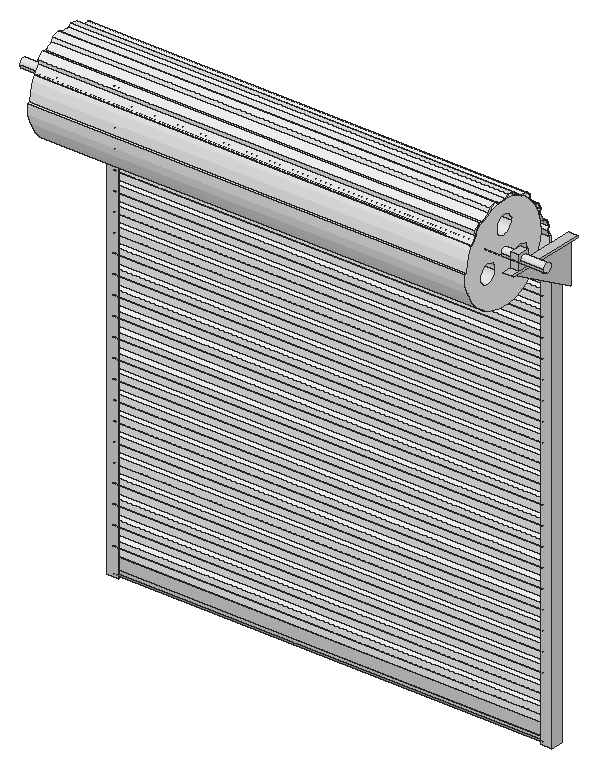
Revit family "Doors_Industrial_Wayne-Dalton_Commercial-Roll-Up-Door-Model-DS-200_", category Specialty Equipment, host Wall, Revit 2019 (continued)
Automatic sketch dimensions
  Extrusion 3 sketch curve to Extrusion 3 sketch curve = 0.64889"
  Extrusion 3 sketch curve to Extrusion 3 sketch curve = 0.01945"
  Extrusion 3 sketch curve to Extrusion 3 sketch curve = 0.03093"
  Extrusion 3 sketch curve to Extrusion 3 sketch curve = 0.04213"
  Extrusion 3 sketch curve to Extrusion 3 sketch curve = 0.35772"
  Extrusion 3 sketch curve to Extrusion 3 sketch curve = 0.0445"
  Extrusion 3 sketch curve to Extrusion 3 sketch curve = 0.58436"
  Extrusion 3 sketch curve to Extrusion 3 sketch curve = 0.03713"
  curve 2 to Extrusion 3 sketch curve = 9.38866"
  Extrusion 3 sketch curve to Extrusion 3 sketch curve = 0.04224"
  Extrusion 3 sketch curve to Extrusion 3 sketch curve = 0.29237"
  Extrusion 3 sketch curve to curve 2 = 3.43116"
  Extrusion 3 sketch curve to Extrusion 3 sketch curve = 0.02097"
  Extrusion 3 sketch curve to curve 2 = 3.38071"
  Extrusion 4 sketch curve to Extrusion 4 sketch curve = 0"  (x60)
  Extrusion 4 sketch curve to curve 2 = 8.08364"
  Extrusion 4 sketch curve to Extrusion 4 sketch curve = 0.00003"  (x4)
  Extrusion 4 sketch curve to Extrusion 4 sketch curve = 0.63889"
  Extrusion 4 sketch curve to Extrusion 4 sketch curve = 0.00005"  (x2)
  Extrusion 4 sketch curve to Extrusion 4 sketch curve = 0.18053"
  Extrusion 4 sketch curve to Extrusion 4 sketch curve = 0.00017"  (x4)
  Extrusion 4 sketch curve to Extrusion 4 sketch curve = 1.30471"
  Extrusion 4 sketch curve to Extrusion 4 sketch curve = 0.00002"  (x3)
  Extrusion 4 sketch curve to Extrusion 4 sketch curve = 0.78341"
  Extrusion 4 sketch curve to Extrusion 4 sketch curve = 0.46469"
  Extrusion 4 sketch curve to Extrusion 4 sketch curve = 0.00011"  (x2)
  Extrusion 4 sketch curve to Extrusion 4 sketch curve = 0.30983"
  Extrusion 4 sketch curve to Extrusion 4 sketch curve = 0.8154"
  Extrusion 4 sketch curve to Extrusion 4 sketch curve = 0.6821"
  Extrusion 4 sketch curve to Extrusion 4 sketch curve = 0.00004"  (x5)
  Extrusion 4 sketch curve to curve 2 = 0.46505"
  curve 2 to Extrusion 4 sketch curve = 0.42917"
  Extrusion 4 sketch curve to Extrusion 4 sketch curve = 0.73112"
  Extrusion 4 sketch curve to Extrusion 4 sketch curve = 0.8011"
  Extrusion 4 sketch curve to Extrusion 4 sketch curve = 0.46818"
  Extrusion 4 sketch curve to Extrusion 4 sketch curve = 1.34626"
  Extrusion 4 sketch curve to Extrusion 4 sketch curve = 0.54314"
  Extrusion 4 sketch curve to Extrusion 4 sketch curve = 0.66012"
  Extrusion 4 sketch curve to Extrusion 4 sketch curve = 0.8064"
  Extrusion 4 sketch curve to Extrusion 4 sketch curve = 1.14963"
  Extrusion 4 sketch curve to Extrusion 4 sketch curve = 1.63371"
  Extrusion 4 sketch curve to Extrusion 4 sketch curve = 0.27231"
  Extrusion 4 sketch curve to Extrusion 4 sketch curve = 0.00006"  (x2)
  Extrusion 4 sketch curve to Extrusion 4 sketch curve = 0.69407"
  Extrusion 4 sketch curve to curve 2 = 0.56736"
  Extrusion 4 sketch curve to curve 2 = 0.53971"
  Extrusion 4 sketch curve to curve 2 = 0.08338"
  Extrusion 4 sketch curve to curve 2 = 0.079"
  Extrusion 4 sketch curve to curve 2 = 0.04886"
  curve 2 to Extrusion 4 sketch curve = 0.28752"
  Extrusion 4 sketch curve to Extrusion 4 sketch curve = 0.05759"
  curve 2 to Extrusion 4 sketch curve = 0.37479"
  Extrusion 4 sketch curve to Extrusion 4 sketch curve = 0.05732"
  Extrusion 4 sketch curve to Extrusion 4 sketch curve = 0.00438"
  Extrusion 4 sketch curve to Extrusion 4 sketch curve = 0.03452"
  Extrusion 4 sketch curve to Extrusion 4 sketch curve = 0.00817"
  Extrusion 4 sketch curve to Extrusion 4 sketch curve = 0.14425"
  Extrusion 4 sketch curve to curve 2 = 0.56455"
  Extrusion 4 sketch curve to Extrusion 4 sketch curve = 0.13576"
  curve 2 to Extrusion 4 sketch curve = 1.79484"
  curve 2 to Extrusion 4 sketch curve = 2.45173"
  Extrusion 4 sketch curve to Extrusion 4 sketch curve = 0.81041"
  curve 2 to Extrusion 4 sketch curve = 3.26981"
  Extrusion 4 sketch curve to curve 2 = 4.14831"
  Extrusion 4 sketch curve to Extrusion 4 sketch curve = 0.51163"
  curve 2 to Extrusion 4 sketch curve = 5.0281"
  Extrusion 4 sketch curve to Extrusion 4 sketch curve = 0.00012"  (x2)
  Extrusion 4 sketch curve to Extrusion 4 sketch curve = 0.56999"
  Extrusion 4 sketch curve to Extrusion 4 sketch curve = 0.79831"
  Extrusion 4 sketch curve to Extrusion 4 sketch curve = 0.43381"
  Extrusion 4 sketch curve to Extrusion 4 sketch curve = 0.41854"
  Extrusion 4 sketch curve to Extrusion 4 sketch curve = 0.77188"
  Extrusion 4 sketch curve to Extrusion 4 sketch curve = 0.09462"
  Extrusion 4 sketch curve to Extrusion 4 sketch curve = 0.23711"
  curve 2 to Extrusion 4 sketch curve = 7.30095"
  Extrusion 4 sketch curve to Extrusion 4 sketch curve = 1.63333"
  Extrusion 4 sketch curve to Extrusion 4 sketch curve = 0.14023"
  Extrusion 4 sketch curve to Extrusion 4 sketch curve = 0.67373"
  Extrusion 4 sketch curve to Extrusion 4 sketch curve = 0.61232"
  Extrusion 4 sketch curve to Extrusion 4 sketch curve = 0.83449"
  Extrusion 4 sketch curve to Extrusion 4 sketch curve = 0.00007"  (x2)
  Extrusion 4 sketch curve to Extrusion 4 sketch curve = 0.0714"
  curve 2 to Extrusion 4 sketch curve = 8.70458"
  Extrusion 4 sketch curve to Extrusion 4 sketch curve = 0.16793"
  Extrusion 4 sketch curve to Extrusion 4 sketch curve = 0.0002"  (x2)
  Extrusion 4 sketch curve to Extrusion 4 sketch curve = 0.45237"
  Extrusion 4 sketch curve to Extrusion 4 sketch curve = 0.05681"
  Extrusion 4 sketch curve to Extrusion 4 sketch curve = 0.11499"
  Extrusion 4 sketch curve to Extrusion 4 sketch curve = 0.03771"
  Extrusion 4 sketch curve to Extrusion 4 sketch curve = 0.09035"
  Extrusion 4 sketch curve to Extrusion 4 sketch curve = 0.05225"
  Extrusion 4 sketch curve to Extrusion 4 sketch curve = 0.10624"
  Extrusion 4 sketch curve to Extrusion 4 sketch curve = 0.01102"
  Extrusion 4 sketch curve to Extrusion 4 sketch curve = 0.14101"
  Extrusion 4 sketch curve to Extrusion 4 sketch curve = 0.04622"
  Extrusion 4 sketch curve to Extrusion 4 sketch curve = 0.1272"
  Extrusion 4 sketch curve to Extrusion 4 sketch curve = 0.05499"
  Extrusion 4 sketch curve to Extrusion 4 sketch curve = 0.15974"
  Extrusion 4 sketch curve to Extrusion 4 sketch curve = 0.02951"
  Extrusion 4 sketch curve to Extrusion 4 sketch curve = 0.14677"
  Extrusion 4 sketch curve to Extrusion 4 sketch curve = 0.0481"
  Extrusion 4 sketch curve to Extrusion 4 sketch curve = 0.14577"
  Extrusion 4 sketch curve to Extrusion 4 sketch curve = 0.04984"
  Extrusion 4 sketch curve to Extrusion 4 sketch curve = 0.19111"
  Extrusion 4 sketch curve to Extrusion 4 sketch curve = 0.04426"
  Extrusion 4 sketch curve to Extrusion 4 sketch curve = 0.04312"
  Extrusion 4 sketch curve to Extrusion 4 sketch curve = 0.14349"
  Extrusion 4 sketch curve to Extrusion 4 sketch curve = 0.03762"
  Extrusion 4 sketch curve to Extrusion 4 sketch curve = 0.19294"
  Extrusion 4 sketch curve to Extrusion 4 sketch curve = 0.05211"
  Extrusion 4 sketch curve to Extrusion 4 sketch curve = 0.12085"
  Extrusion 4 sketch curve to Extrusion 4 sketch curve = 0.02007"
  Extrusion 4 sketch curve to Extrusion 4 sketch curve = 0.17428"
  Extrusion 4 sketch curve to Extrusion 4 sketch curve = 0.05119"
  Extrusion 4 sketch curve to Extrusion 4 sketch curve = 0.0794"
  Extrusion 4 sketch curve to Extrusion 4 sketch curve = 0.00616"
  Extrusion 4 sketch curve to Extrusion 4 sketch curve = 0.13229"
  Extrusion 4 sketch curve to Extrusion 4 sketch curve = 0.04842"
  Extrusion 6 sketch curve to Extrusion 6 sketch curve = 0"  (x71)
  Extrusion 6 sketch curve to curve 2 = 9.66237"
  Extrusion 6 sketch curve to Extrusion 6 sketch curve = 0.00003"  (x9)
  Extrusion 6 sketch curve to Extrusion 6 sketch curve = 0.53531"
  Extrusion 6 sketch curve to Extrusion 6 sketch curve = 0.00006"  (x4)
  Extrusion 6 sketch curve to Extrusion 6 sketch curve = 0.03248"
  Extrusion 6 sketch curve to Extrusion 6 sketch curve = 0.00019"  (x2)
  Extrusion 6 sketch curve to Extrusion 6 sketch curve = 0.82321"
  Extrusion 6 sketch curve to Extrusion 6 sketch curve = 0.69927"
  Extrusion 6 sketch curve to Extrusion 6 sketch curve = 0.00005"  (x4)
  Extrusion 6 sketch curve to Extrusion 6 sketch curve = 0.2815"
  Extrusion 6 sketch curve to Extrusion 6 sketch curve = 0.00015"  (x2)
  Extrusion 6 sketch curve to Extrusion 6 sketch curve = 1.22034"
  Extrusion 6 sketch curve to Extrusion 6 sketch curve = 0.00002"  (x5)
  Extrusion 6 sketch curve to Extrusion 6 sketch curve = 3.51269"
  Extrusion 6 sketch curve to Extrusion 6 sketch curve = 0.79598"
  Extrusion 6 sketch curve to Extrusion 6 sketch curve = 0.50344"
  Extrusion 6 sketch curve to Extrusion 6 sketch curve = 0.0001"  (x2)
  Extrusion 6 sketch curve to Extrusion 6 sketch curve = 1.27881"
  Extrusion 6 sketch curve to Extrusion 6 sketch curve = 1.47606"
  Extrusion 6 sketch curve to Extrusion 6 sketch curve = 1.71045"
  Extrusion 6 sketch curve to Extrusion 6 sketch curve = 0.81615"
  Extrusion 6 sketch curve to Extrusion 6 sketch curve = 0.67698"
  Extrusion 6 sketch curve to Extrusion 6 sketch curve = 0.00004"  (x2)
  Extrusion 6 sketch curve to curve 2 = 0.67157"
  Extrusion 6 sketch curve to curve 2 = 0.19825"
  curve 2 to Extrusion 6 sketch curve = 0.55854"
  curve 2 to Extrusion 6 sketch curve = 1.33741"
  Extrusion 6 sketch curve to Extrusion 6 sketch curve = 0.78617"
  Extrusion 6 sketch curve to Extrusion 6 sketch curve = 1.57364"
  Extrusion 6 sketch curve to Extrusion 6 sketch curve = 1.89236"
  Extrusion 6 sketch curve to Extrusion 6 sketch curve = 0.62483"
  Extrusion 6 sketch curve to Extrusion 6 sketch curve = 0.81816"
  Extrusion 6 sketch curve to Extrusion 6 sketch curve = 0.00009"  (x2)
  Extrusion 6 sketch curve to Extrusion 6 sketch curve = 1.57146"
  Extrusion 6 sketch curve to Extrusion 6 sketch curve = 1.38936"
  Extrusion 6 sketch curve to Extrusion 6 sketch curve = 1.10496"
  Extrusion 6 sketch curve to Extrusion 6 sketch curve = 0.43161"
  Extrusion 6 sketch curve to Extrusion 6 sketch curve = 0.771"
  Extrusion 6 sketch curve to Extrusion 6 sketch curve = 0.00014"  (x2)
  Extrusion 6 sketch curve to curve 2 = 0.97535"
  Extrusion 6 sketch curve to curve 2 = 0.77901"
  Extrusion 6 sketch curve to curve 2 = 0.13011"
  Extrusion 6 sketch curve to Extrusion 6 sketch curve = 0.00018"  (x2)
  curve 2 to Extrusion 6 sketch curve = 0.47301"
  Extrusion 6 sketch curve to Extrusion 6 sketch curve = 0.00007"  (x3)
  curve 2 to Extrusion 6 sketch curve = 0.53183"
  curve 2 to Extrusion 6 sketch curve = 0.84263"
  Extrusion 6 sketch curve to Extrusion 6 sketch curve = 0.46289"
  Extrusion 6 sketch curve to Extrusion 6 sketch curve = 0.0002"  (x2)
  Extrusion 6 sketch curve to Extrusion 6 sketch curve = 0.01143"
  Extrusion 6 sketch curve to Extrusion 6 sketch curve = 0.04353"
  Extrusion 6 sketch curve to curve 2 = 0.28817"
  Extrusion 6 sketch curve to Extrusion 6 sketch curve = 0.18514"
  Extrusion 6 sketch curve to curve 2 = 0.25062"
  Extrusion 6 sketch curve to Extrusion 6 sketch curve = 0.04915"
  Extrusion 6 sketch curve to Extrusion 6 sketch curve = 0.0177"
  Extrusion 6 sketch curve to Extrusion 6 sketch curve = 0.00203"
  Extrusion 6 sketch curve to Extrusion 6 sketch curve = 0.14735"
  curve 2 to Extrusion 6 sketch curve = 0.67446"
  Extrusion 6 sketch curve to curve 2 = 0.10432"
  curve 2 to Extrusion 6 sketch curve = 1.66183"
  Extrusion 6 sketch curve to Extrusion 6 sketch curve = 0.05848"
  Extrusion 6 sketch curve to Extrusion 6 sketch curve = 0.13681"
  curve 2 to Extrusion 6 sketch curve = 2.53215"
  Extrusion 6 sketch curve to curve 2 = 2.65418"
  Extrusion 6 sketch curve to curve 2 = 3.26058"
  curve 2 to Extrusion 6 sketch curve = 3.34857"
  Extrusion 6 sketch curve to Extrusion 6 sketch curve = 0.61918"
  Extrusion 6 sketch curve to Extrusion 6 sketch curve = 1.69046"
  Extrusion 6 sketch curve to Extrusion 6 sketch curve = 0.81786"
  curve 2 to Extrusion 6 sketch curve = 4.82051"
  Extrusion 6 sketch curve to Extrusion 6 sketch curve = 1.56828"
  curve 2 to Extrusion 6 sketch curve = 5.31945"
  Extrusion 6 sketch curve to Extrusion 6 sketch curve = 1.26751"
  Extrusion 6 sketch curve to Extrusion 6 sketch curve = 1.38427"
  Extrusion 6 sketch curve to Extrusion 6 sketch curve = 1.08333"
  Extrusion 6 sketch curve to Extrusion 6 sketch curve = 0.79461"
  Extrusion 6 sketch curve to Extrusion 6 sketch curve = 0.4254"
  curve 2 to Extrusion 6 sketch curve = 6.32899"
  curve 2 to Extrusion 6 sketch curve = 6.44024"
  Extrusion 6 sketch curve to Extrusion 6 sketch curve = 0.76852"
  Extrusion 6 sketch curve to Extrusion 6 sketch curve = 1.20455"
  Extrusion 6 sketch curve to Extrusion 6 sketch curve = 0.27475"
  Extrusion 6 sketch curve to Extrusion 6 sketch curve = 1.04768"
  Extrusion 6 sketch curve to Extrusion 6 sketch curve = 0.19072"
  Extrusion 6 sketch curve to Extrusion 6 sketch curve = 0.69545"
  Extrusion 6 sketch curve to Extrusion 6 sketch curve = 0.64529"
  Extrusion 6 sketch curve to Extrusion 6 sketch curve = 0.8155"
  Extrusion 6 sketch curve to Extrusion 6 sketch curve = 0.02393"
  Extrusion 6 sketch curve to Extrusion 6 sketch curve = 0.58198"
  Extrusion 6 sketch curve to Extrusion 6 sketch curve = 0.06225"
  Extrusion 6 sketch curve to Extrusion 6 sketch curve = 0.5287"
  curve 2 to Extrusion 6 sketch curve = 9.77214"
  Extrusion 6 sketch curve to Extrusion 6 sketch curve = 0.46"
  Extrusion 6 sketch curve to Extrusion 6 sketch curve = 0.22781"
  Extrusion 6 sketch curve to Extrusion 6 sketch curve = 0.00021"
  curve 2 to Extrusion 6 sketch curve = 10.08406"
  Extrusion 6 sketch curve to Extrusion 6 sketch curve = 0.00617"
  Extrusion 6 sketch curve to curve 2 = 2.79659"
  Extrusion 6 sketch curve to Extrusion 6 sketch curve = 0.01789"
  Extrusion 6 sketch curve to Extrusion 6 sketch curve = 0.09634"
  Extrusion 6 sketch curve to Extrusion 6 sketch curve = 0.0316"
  Extrusion 6 sketch curve to Extrusion 6 sketch curve = 0.05738"
  Extrusion 6 sketch curve to Extrusion 6 sketch curve = 0.0587"
  Extrusion 6 sketch curve to Extrusion 6 sketch curve = 0.08306"
  Extrusion 6 sketch curve to Extrusion 6 sketch curve = 0.00994"
  Extrusion 6 sketch curve to Extrusion 6 sketch curve = 0.09622"
  Extrusion 6 sketch curve to Extrusion 6 sketch curve = 0.06253"
  Extrusion 6 sketch curve to Extrusion 6 sketch curve = 0.14171"
  Extrusion 6 sketch curve to Extrusion 6 sketch curve = 0.01329"
  Extrusion 6 sketch curve to Extrusion 6 sketch curve = 0.1258"
  Extrusion 6 sketch curve to Extrusion 6 sketch curve = 0.06036"
  Extrusion 6 sketch curve to Extrusion 6 sketch curve = 0.16521"
  Extrusion 6 sketch curve to Extrusion 6 sketch curve = 0.02676"
  Extrusion 6 sketch curve to Extrusion 6 sketch curve = 0.14328"
  Extrusion 6 sketch curve to Extrusion 6 sketch curve = 0.05237"
  Extrusion 6 sketch curve to Extrusion 6 sketch curve = 0.19175"
  Extrusion 6 sketch curve to Extrusion 6 sketch curve = 0.04448"
  Extrusion 6 sketch curve to Extrusion 6 sketch curve = 0.14695"
  Extrusion 6 sketch curve to Extrusion 6 sketch curve = 0.03919"
  Extrusion 6 sketch curve to Extrusion 6 sketch curve = 0.19525"
  Extrusion 6 sketch curve to Extrusion 6 sketch curve = 0.05351"
  Extrusion 6 sketch curve to Extrusion 6 sketch curve = 0.13637"
  Extrusion 6 sketch curve to Extrusion 6 sketch curve = 0.02236"
  Extrusion 6 sketch curve to Extrusion 6 sketch curve = 0.17912"
  Extrusion 6 sketch curve to Extrusion 6 sketch curve = 0.06096"
  Extrusion 6 sketch curve to Extrusion 6 sketch curve = 0.11252"
  Extrusion 6 sketch curve to Extrusion 6 sketch curve = 0.00326"
  Extrusion 6 sketch curve to Extrusion 6 sketch curve = 0.14627"
  Extrusion 6 sketch curve to Extrusion 6 sketch curve = 0.06088"
  Extrusion 6 sketch curve to curve 2 = 0.06837"
  Extrusion 6 sketch curve to curve 2 = 0.05222"
  Extrusion 6 sketch curve to Extrusion 6 sketch curve = 0.11198"
  Extrusion 6 sketch curve to Extrusion 6 sketch curve = 0.0541"
  Extrusion 6 sketch curve to Extrusion 6 sketch curve = 0.04279"
  Extrusion 5 sketch curve to Extrusion 5 sketch curve = 0"  (x26)
  Extrusion 5 sketch curve to curve 2 = 0"  (x2)
  Extrusion 5 sketch curve to curve 2 = 1.21119"
  Extrusion 5 sketch curve to Extrusion 5 sketch curve = 0.01364"
  Extrusion 5 sketch curve to Extrusion 5 sketch curve = 0.53885"
  Extrusion 5 sketch curve to Extrusion 5 sketch curve = 0.01067"
  Extrusion 5 sketch curve to Extrusion 5 sketch curve = 1.22582"
  Extrusion 5 sketch curve to Extrusion 5 sketch curve = 0.029"
  Extrusion 5 sketch curve to Extrusion 5 sketch curve = 0.27279"
  Extrusion 5 sketch curve to Extrusion 5 sketch curve = 0.0305"
  Extrusion 5 sketch curve to Extrusion 5 sketch curve = 1.46397"
  Extrusion 5 sketch curve to Extrusion 5 sketch curve = 0.00247"
  Extrusion 5 sketch curve to Extrusion 5 sketch curve = 0.666"
  Extrusion 5 sketch curve to Extrusion 5 sketch curve = 0.00617"
  Extrusion 5 sketch curve to Extrusion 5 sketch curve = 1.03286"
  Extrusion 5 sketch curve to Extrusion 5 sketch curve = 0.01357"
  Extrusion 5 sketch curve to Extrusion 5 sketch curve = 0.0396"
  Extrusion 5 sketch curve to Extrusion 5 sketch curve = 0.03967"
  Extrusion 5 sketch curve to Extrusion 5 sketch curve = 1.10422"
  Extrusion 5 sketch curve to Extrusion 5 sketch curve = 0.01824"
  Extrusion 5 sketch curve to Extrusion 5 sketch curve = 0.68849"
  Extrusion 5 sketch curve to Extrusion 5 sketch curve = 0.02214"
  Extrusion 5 sketch curve to Extrusion 5 sketch curve = 0.44641"
  Extrusion 5 sketch curve to Extrusion 5 sketch curve = 0.04325"
  Extrusion 5 sketch curve to Extrusion 5 sketch curve = 0.20439"
  Extrusion 5 sketch curve to Extrusion 5 sketch curve = 0.04461"
  Extrusion 5 sketch curve to curve 2 = 3.03743"
  Extrusion 5 sketch curve to Extrusion 5 sketch curve = 0.58728"
  Extrusion 5 sketch curve to curve 2 = 3.06716"
  Extrusion 5 sketch curve to Extrusion 5 sketch curve = 0.03142"
  Extrusion 5 sketch curve to curve 2 = 0.97641"
  Extrusion 5 sketch curve to Extrusion 5 sketch curve = 0.41446"
  Extrusion 5 sketch curve to Extrusion 5 sketch curve = 0.054"
  Extrusion 5 sketch curve to curve 2 = 2.74736"
  Extrusion 5 sketch curve to Extrusion 5 sketch curve = 0.6138"
  Extrusion 5 sketch curve to curve 2 = 2.77548"
  Extrusion 5 sketch curve to Extrusion 5 sketch curve = 0.03499"
  Extrusion 5 sketch curve to curve 2 = 1.51462"
  Extrusion 5 sketch curve to Extrusion 5 sketch curve = 0.43414"
  Extrusion 5 sketch curve to curve 2 = 1.50284"
  Extrusion 5 sketch curve to Extrusion 5 sketch curve = 0.04332"
  curve 2 to Extrusion 5 sketch curve = 0.39296"
  Extrusion 5 sketch curve to Extrusion 5 sketch curve = 0.01702"
  Extrusion 5 sketch curve to Extrusion 5 sketch curve = 0.49623"
  Extrusion 5 sketch curve to Extrusion 5 sketch curve = 0.01431"
  Extrusion 5 sketch curve to Extrusion 5 sketch curve = 1.24579"
  Extrusion 5 sketch curve to Extrusion 5 sketch curve = 0.02601"
  Extrusion 5 sketch curve to Extrusion 5 sketch curve = 0.32769"
  Extrusion 5 sketch curve to Extrusion 5 sketch curve = 0.02782"
  Extrusion 5 sketch curve to Extrusion 5 sketch curve = 1.51549"
  Extrusion 5 sketch curve to Extrusion 5 sketch curve = 0.00114"
  Extrusion 5 sketch curve to Extrusion 5 sketch curve = 0.64575"
  Extrusion 5 sketch curve to Extrusion 5 sketch curve = 0.00239"
  Extrusion 5 sketch curve to Extrusion 5 sketch curve = 1.08997"
  Extrusion 5 sketch curve to Extrusion 5 sketch curve = 0.03768"
  Extrusion 5 sketch curve to Extrusion 5 sketch curve = 0.07324"
  Extrusion 5 sketch curve to Extrusion 5 sketch curve = 0.03808"
  Extrusion 5 sketch curve to Extrusion 5 sketch curve = 1.19736"
  Extrusion 5 sketch curve to Extrusion 5 sketch curve = 0.0149"
  Extrusion 5 sketch curve to Extrusion 5 sketch curve = 0.68983"
  Extrusion 5 sketch curve to Extrusion 5 sketch curve = 0.01876"
  Extrusion 5 sketch curve to curve 2 = 0.64161"
  Extrusion 5 sketch curve to Extrusion 5 sketch curve = 11/256"
  Extrusion 5 sketch curve to curve 2 = 0.45014"
  Extrusion 5 sketch curve to Extrusion 5 sketch curve = 0.04402"
  curve 2 to Extrusion 5 sketch curve = 0.1112"
  Extrusion 5 sketch curve to Extrusion 5 sketch curve = 0.02881"
  curve 2 to Extrusion 5 sketch curve = 91/128"
  Extrusion 5 sketch curve to Extrusion 5 sketch curve = 0.04113"
  Extrusion 5 sketch curve to Extrusion 5 sketch curve = 0.64149"
  Extrusion 5 sketch curve to Extrusion 5 sketch curve = 0.03241"
  Extrusion 5 sketch curve to curve 2 = 0.43743"
  curve 2 to Extrusion 5 sketch curve = 0.90201"
  Extrusion 5 sketch curve to curve 2 = 0.46197"
  Extrusion 5 sketch curve to Extrusion 5 sketch curve = 0.036"
  curve 2 to Extrusion 5 sketch curve = 0.952"
  Extrusion 5 sketch curve to Extrusion 5 sketch curve = 0.39322"
  Extrusion 5 sketch curve to Extrusion 5 sketch curve = 0.04418"
  Extrusion 5 sketch curve to curve 2 = 0.11278"
  Extrusion 5 sketch curve to Extrusion 5 sketch curve = 0.4475"
  Extrusion 5 sketch curve to curve 2 = 0.13517"
  Extrusion 5 sketch curve to Extrusion 5 sketch curve = 0.0392"
  curve 2 to Extrusion 5 sketch curve = 1.14567"
  curve 2 to Extrusion 5 sketch curve = 1.16456"
  curve 2 to Extrusion 5 sketch curve = 1.78492"
  Extrusion 5 sketch curve to Extrusion 5 sketch curve = 0.01198"
  Extrusion 5 sketch curve to Extrusion 5 sketch curve = 0.57609"
  Extrusion 5 sketch curve to Extrusion 5 sketch curve = 0.00796"
  curve 2 to Extrusion 5 sketch curve = 3.57458"
  Extrusion 5 sketch curve to Extrusion 5 sketch curve = 0.03107"
  curve 2 to Extrusion 5 sketch curve = 3.80812"
  Extrusion 5 sketch curve to Extrusion 5 sketch curve = 0.03232"
  Extrusion 5 sketch curve to Extrusion 5 sketch curve = 0.65898"
  Extrusion 5 sketch curve to Extrusion 5 sketch curve = 0.00504"
  curve 2 to Extrusion 5 sketch curve = 5.93963"
  Extrusion 5 sketch curve to Extrusion 5 sketch curve = 0.00879"
  Extrusion 5 sketch curve to Extrusion 5 sketch curve = 1 13/256"
  Extrusion 5 sketch curve to Extrusion 5 sketch curve = 0.03154"
  Extrusion 5 sketch curve to Extrusion 5 sketch curve = 5/128"
  Extrusion 5 sketch curve to Extrusion 5 sketch curve = 0.03923"
  Extrusion 5 sketch curve to Extrusion 5 sketch curve = 0.96006"
  Extrusion 5 sketch curve to Extrusion 5 sketch curve = 0.02826"
  Extrusion 5 sketch curve to Extrusion 5 sketch curve = 0.04063"
  Extrusion 5 sketch curve to Extrusion 5 sketch curve = 0.04078"
  Extrusion 5 sketch curve to Extrusion 5 sketch curve = 0.68789"
  Extrusion 5 sketch curve to Extrusion 5 sketch curve = 0.02115"
  Extrusion 5 sketch curve to Extrusion 5 sketch curve = 0.48896"
  Extrusion 5 sketch curve to Extrusion 5 sketch curve = 0.6831"
  Extrusion 5 sketch curve to Extrusion 5 sketch curve = 0.04319"
  Extrusion 5 sketch curve to Extrusion 5 sketch curve = 0.02441"
  Extrusion 5 sketch curve to Extrusion 5 sketch curve = 0.18832"
  Extrusion 5 sketch curve to Extrusion 5 sketch curve = 0.04447"
  Extrusion 5 sketch curve to Extrusion 5 sketch curve = 0.34453"
  Extrusion 5 sketch curve to Extrusion 5 sketch curve = 0.04326"
  Extrusion 5 sketch curve to Extrusion 5 sketch curve = 0.24296"
  Extrusion 5 sketch curve to Extrusion 5 sketch curve = 0.04483"
  curve 2 to Extrusion 5 sketch curve = 9.79875"
  Extrusion 5 sketch curve to Extrusion 5 sketch curve = 0.04105"
  Extrusion 5 sketch curve to Extrusion 5 sketch curve = 0.61971"
  Extrusion 5 sketch curve to Extrusion 5 sketch curve = 0.03427"
  Extrusion 5 sketch curve to Extrusion 5 sketch curve = 0.59383"
  Extrusion 5 sketch curve to Extrusion 5 sketch curve = 0.03659"
  Extrusion 5 sketch curve to Extrusion 5 sketch curve = 0.42077"
  Extrusion 5 sketch curve to Extrusion 5 sketch curve = 0.04361"
  Extrusion 5 sketch curve to Extrusion 5 sketch curve = 0.46408"
  Extrusion 5 sketch curve to Extrusion 5 sketch curve = 0.04255"
  Extrusion 6 sketch curve to Extrusion 6 sketch curve = 0.24249"
Nested families (in)
  nested 1: "Slat" at (0, -6.048, 1.1046), type "Slat"
    with Void Cut Offset 0", Additional Slats no, AD S2 yes, AD S1 yes, Opening Width 75 13/128"
  nested 2: "Slat" at (0, -6.048, 10.76085), type "Slat"
    with Void Cut Offset 0", Additional Slats no, AD S2 yes, AD S1 yes, Opening Width 75 13/128"
  nested 3: "Slat" at (0, -6.048, 20.4171), type "Slat"
    with Void Cut Offset 0", Additional Slats no, AD S2 yes, AD S1 yes, Opening Width 75 13/128"
  nested 4: "Slat" at (0, -6.048, 30.07335), type "Slat"
    with Void Cut Offset 0", Additional Slats no, AD S2 yes, AD S1 yes, Opening Width 75 13/128"
  nested 5: "Slat" at (0, -6.048, 39.7296), type "Slat"
    with Void Cut Offset 0", Additional Slats no, AD S2 yes, AD S1 yes, Opening Width 75 13/128"
  nested 6: "Slat" at (0, -6.048, 49.38585), type "Slat"
    with Void Cut Offset 0", Additional Slats no, AD S2 yes, AD S1 yes, Opening Width 75 13/128"
  nested 7: "Slat" at (0, -6.048, 59.0421), type "Slat"
    with Void Cut Offset 0", Additional Slats no, AD S2 yes, AD S1 yes, Opening Width 75 13/128"
  nested 8: "Operator" at (36, -16, 80.5), type "Family1"
    with Floor To CL 80 1/2", Electrical Operator no, C V Offset 0", C Position 5 3/4", C H Offset 0"
  nested 9: "Lifts" at (0, -4.5, 0) x (-1, 0, 0) z (0, 0, 1), type "Frame Unit"
    with Steel Support Outter Radius 8 1/2", Steel Support Inner Radius 7 7/8", Headroom Height 17", Header Width 20", Opening Height 72", Floor To (CL) of Shaft 80 1/2", C 7"
  nested 10: "Slat" at (0, -6.048, 68.69835), AD S1 <- "Ad Slat 1", AD S2 <- "Ad Slat 2", type "Slat"
    with Void Cut Offset 3.72", Additional Slats yes, AD S2 yes, AD S1 yes, Opening Width 75 13/128"
Connectors (in)
  electrical at (41.75, -16, 80.5), driven by "Number of Poles", driven by "Voltage", driven by "Apparent Load Phase 1", driven by "Power Factor"
    settings: on nested 8, index 1, voltage 0 V, apparent load 0 VA, apparent load phase1 0 VA, apparent load phase2 0 VA, apparent load phase3 0 VA, power factor 1, load classification "Other", number of poles 1, system type 31, power factor state 1, is connector primary yes, connector utility no, sub classification motor no, connector description "Electrical Connector"
Definition of nested family "Slat"
  Parameters (values of type "Slat")
    Void Cut Offset [instance] = if(Additional Slats, if(AD S2, One Slat Height + 1/2", if(AD S1, One Slat Height * 2 + 1/2", Slat Height + 1/2")), 0")  # 0"
    Sq Option = if(Curtain Option = 1, 1 = 1, 1 = 2)  # yes
    Slat Height = if(Curtain Option = 1, 3.22" * 3, 3.16" * 3)  # 9.66"
    R Option = not(Sq Option)  # no
    Panel Material = none
    Opening Width = 75.103"
    One Slat Height = if(Curtain Option = 1, 3.22", 3.16")  # 3.22"
    Default Elevation = 48"
    Curtain Option = 1
    Additional Slats [instance] = no
    AD S2 [instance] = yes
    AD S1 [instance] = yes
  Reference planes (in)
    plane 1 "Center (Front/Back)": y = 0
    plane 2: z = 0
    plane 3 "Center (Left/Right)": x = 0
    plane 4: z = 9.66
    plane 5: x = -37.5515
    plane 6: x = 37.5515
    plane 7: z = 10.16
  Forms (in)
    Extrusion 1, solid, material <- "Panel Material", visible <- "Sq Option"
      sketch origin (0, 0, 0) x (0, 0, 1) y (0, -1, 0)
        loop
          line (1.5362, -0.5962) -> (2.83682, -0.5962) -> (3.24093, -0.04) -> (4.3521, -0.04) -> (4.7562, -0.5962) -> (6.05682, -0.5962) -> (6.46093, -0.04) -> (7.5721, -0.04) -> (7.9762, -0.5962) -> (9.27682, -0.5962) -> (9.68093, -0.04) -> (9.66, 0) -> (9.2559, -0.5562) -> (7.99658, -0.5562) -> (7.59248, 0) -> (6.44, 0) -> (6.0359, -0.5562) -> (4.77658, -0.5562) -> (4.37248, 0) -> (3.22, 0) -> (2.8159, -0.5562) -> (1.55658, -0.5562) -> (1.15248, 0) -> (0, 0) -> (0, -0.04) -> (1.1321, -0.04) -> (1.5362, -0.5962)
      from -37.5515 to 37.5515
    Extrusion 2, solid, material <- "Panel Material", visible <- "R Option"
      sketch origin (0, 0, 0) x (0, 0, 1) y (0, -1, 0)
        loop
          arc (0.99662, -0.13102) -> (0.81086, 0) -> (0.62661, -0.13312) r 0.19562
          line (0.62661, -0.13312) -> (0, -0.13312) -> (0, -0.18138) -> (0.6653, -0.18138)
          arc (0.6653, -0.18138) -> (0.79435, -0.04931) -> (0.95107, -0.14695) r 0.14737
          arc (0.95107, -0.14695) -> (1.5846, -0.59649) -> (2.21812, -0.14695) r 0.67117
          arc (2.21812, -0.14695) -> (2.37484, -0.04931) -> (2.50389, -0.18138) r 0.14737
          line (2.50389, -0.18138) -> (3.8253, -0.18138)
          arc (3.8253, -0.18138) -> (3.95435, -0.04931) -> (4.11107, -0.14695) r 0.14737
          arc (4.11107, -0.14695) -> (4.7446, -0.59649) -> (5.37812, -0.14695) r 0.67117
          arc (5.37812, -0.14695) -> (5.53484, -0.04931) -> (5.66389, -0.18138) r 0.14737
          line (5.66389, -0.18138) -> (6.9853, -0.18138)
          arc (6.9853, -0.18138) -> (7.11435, -0.04931) -> (7.27107, -0.14695) r 0.14737
          arc (7.27107, -0.14695) -> (7.9046, -0.59649) -> (8.53812, -0.14695) r 0.67117
          arc (8.53812, -0.14695) -> (8.69484, -0.04931) -> (8.82389, -0.18138) r 0.14737
          line (8.82389, -0.18138) -> (9.48, -0.18138) -> (9.48, -0.13312) -> (8.86258, -0.13312)
          arc (8.86258, -0.13312) -> (8.67833, 0) -> (8.49257, -0.13102) r 0.19562
          arc (8.49257, -0.13102) -> (7.9046, -0.54824) -> (7.31662, -0.13102) r 0.62292
          arc (7.31662, -0.13102) -> (7.13086, 0) -> (6.94661, -0.13312) r 0.19562
          line (6.94661, -0.13312) -> (5.70258, -0.13312)
          arc (5.70258, -0.13312) -> (5.51833, 0) -> (5.33257, -0.13102) r 0.19562
          arc (5.33257, -0.13102) -> (4.7446, -0.54824) -> (4.15662, -0.13102) r 0.62292
          arc (4.15662, -0.13102) -> (3.97086, 0) -> (3.78661, -0.13312) r 0.19562
          line (3.78661, -0.13312) -> (2.54258, -0.13312)
          arc (2.54258, -0.13312) -> (2.35833, 0) -> (2.17257, -0.13102) r 0.19562
          arc (2.17257, -0.13102) -> (1.5846, -0.54824) -> (0.99662, -0.13102) r 0.62292
      from -37.5515 to 37.5515
    Extrusion 3, void
      sketch origin (0, 0, 0) x (0, 0, 1) y (0, -1, 0)
        loop
          line (10.66, 0.75) -> (10.16, 0.75) -> (10.16, -1.27253) -> (10.66, -1.27253) -> (10.66, 0.75)
      from -37.5515 to 37.5515
  Cuts and joins
    Extrusion 3 cuts Extrusion 1
    Extrusion 3 cuts Extrusion 2
  Lines and regions (in)
    reference lines
      curve 1: line (0, 0, 0) -> (0, 0, 9)
  Dimensions and locks (in)
    "Slat Height": plane 4 to plane 2
    equal spacing: plane 5, plane 3 "Center (Left/Right)", plane 6
    "Opening Width": plane 5 to plane 6
    locked: curve 1 to curve 1 at 9
    locked: Extrusion 3 sketch curve to plane 4 at 1
    locked: plane 7 to plane 4 at 0.5
    "Void Cut Offset": plane 7 to Extrusion 3 sketch curve
    aligned and locked: plane 2 to level
    aligned and locked: plane 5 to Extrusion 1
    aligned and locked: plane 6 to Extrusion 1
    aligned and locked: level to curve 1
    aligned and locked: curve 1 to plane 1 "Center (Front/Back)"
    aligned and locked: plane 6 to Extrusion 2
    aligned and locked: plane 5 to Extrusion 2
    aligned and locked: plane 5 to Extrusion 3
    aligned and locked: plane 6 to Extrusion 3
  Automatic sketch dimensions
    curve 1 to Extrusion 1 sketch curve = 0"  (x2)
    Extrusion 1 sketch curve to curve 1 = 0"  (x2)
    Extrusion 1 sketch curve to curve 1 = 0.04"
    Extrusion 1 sketch curve to Extrusion 1 sketch curve = 1.1321"  (x2)
    Extrusion 1 sketch curve to Extrusion 1 sketch curve = 0.02038"  (x6)
    Extrusion 1 sketch curve to Extrusion 1 sketch curve = 0.4041"  (x6)
    curve 1 to Extrusion 1 sketch curve = 0.5562"  (x2)
    Extrusion 1 sketch curve to Extrusion 1 sketch curve = 1.25932"  (x3)
    curve 1 to Extrusion 1 sketch curve = 0.5962"  (x2)
    Extrusion 1 sketch curve to Extrusion 1 sketch curve = 0.02093"  (x6)
    curve 1 to Extrusion 1 sketch curve = 0.04"
    Extrusion 1 sketch curve to Extrusion 1 sketch curve = 1.11117"
    Extrusion 1 sketch curve to Extrusion 1 sketch curve = 0"
    Extrusion 1 sketch curve to Extrusion 1 sketch curve = 0.04"  (x3)
    Extrusion 1 sketch curve to Extrusion 1 sketch curve = 0.5162"
    Extrusion 2 sketch curve to Extrusion 2 sketch curve = 0"  (x24)
    curve 1 to Extrusion 2 sketch curve = 0"
    Extrusion 2 sketch curve to curve 1 = 0.18138"
    Extrusion 2 sketch curve to curve 1 = 0.13312"
    Extrusion 2 sketch curve to Extrusion 2 sketch curve = 0.62661"
    Extrusion 2 sketch curve to Extrusion 2 sketch curve = 0.03869"  (x6)
    Extrusion 2 sketch curve to Extrusion 2 sketch curve = 0.14668"  (x6)
    Extrusion 2 sketch curve to curve 1 = 0.07468"  (x3)
    Extrusion 2 sketch curve to Extrusion 2 sketch curve = 0.77262"  (x5)
    curve 1 to Extrusion 2 sketch curve = 0.19561"  (x5)
    curve 1 to Extrusion 2 sketch curve = 0.13312"  (x2)
    Extrusion 2 sketch curve to Extrusion 2 sketch curve = 1.24402"  (x2)
    Extrusion 2 sketch curve to curve 1 = 0.32278"
    Extrusion 2 sketch curve to Extrusion 2 sketch curve = 0.01424"  (x2)
    Extrusion 2 sketch curve to Extrusion 2 sketch curve = 0.04825"  (x3)
    curve 1 to Extrusion 2 sketch curve = 0.48"
    curve 1 to Extrusion 3 sketch curve = 1.27253"
    Extrusion 3 sketch curve to curve 1 = 3/4"
Definition of nested family "Lifts"
  Parameters (values of type "Frame Unit")
    Steel Support Outter Radius = Opening Height + Headroom Height - [Floor To (CL) of Shaft]  # 10 1/2"
    Steel Support Inner Radius = Steel Support Outter Radius - 5/8"  # 9 7/8"
    Shaft Radius = 3/4"  # constant formula
    Shaft Material = none
    Setback = 1/4"  # constant formula
    Right Shaft Offset = 9"
    Resin Stopper Radius = 1 1/2"  # constant formula
    Resin Elements Material = none
    Opening Width = 72"
    Left Shaft Offset = 9"
    J Offset = 11 1/2"  # constant formula
    Headroom Height = 21"
    Header Width = 24"
    Guide Width R Real = Guid Width + Setback  # 5"
    Guide Width L Real = Guid Width + Setback  # 5"
    Guide Second Part Position = 2"  # constant formula
    Guide Height = 2"  # constant formula
    Guid Width = 4 3/4"  # constant formula
    Opening Height = 192"
    Floor To (CL) of Shaft = 202 1/2"
    Finish Material = none
    Connection Brackets = 5 1/4"  # constant formula
    C = 9"
    Bottom Bar Offset = 1.652"  # constant formula
    Analytic Construction = "<None>"
    A = 5"
  Reference planes (in)
    plane 1 "Center (Front/Back)": y = 0
    plane 2: z = 0
    plane 3 "Center (Left/Right)": x = 0
    plane 4 "Left": x = -36
    plane 5 "Right": x = 36
    plane 6 "Opening Height": z = 192
    plane 7: x = -45
    plane 8: x = 45
    plane 9: z = 213
    plane 10: y = 24
    plane 11: x = -18
    plane 12: x = 18
    plane 13: z = 202.5
    plane 14: y = 11.5
    plane 15: x = -37.55
    plane 16: x = 37.55
    plane 17: x = 41
    plane 18: x = -41
    plane 19: z = 201
    plane 20: x = -37.55
    plane 21: x = 37.55
    plane 22: y = 0.73437
  Forms (in)
    Extrusion 1, solid, material <- "Finish Material"
      sketch origin (0, 0, 0) x (1, 0, 0) y (0, 1, 0)
        loop
          line (-38.25, 0) -> (-36.25, 0) -> (-36.25, 0.125) -> (-36.42185, 0.125)
          arc (-36.42185, 0.125) -> (-36.70608, 0.67946) -> (-36.99031, 0.125) r 0.35008
          line (-36.99031, 0.125) -> (-38.125, 0.125) -> (-38.125, 1.875) -> (-36.25, 1.875) -> (-36.25, 2) -> (-38.25, 2) -> (-38.25, 0)
        loop
          line (38.25, 0) -> (38.25, 2) -> (36.25, 2) -> (36.25, 1.875) -> (38.125, 1.875) -> (38.125, 0.125) -> (36.99031, 0.125)
          arc (36.99031, 0.125) -> (36.70608, 0.67923) -> (36.42185, 0.125) r 0.35
          line (36.42185, 0.125) -> (36.25, 0.125) -> (36.25, 0) -> (38.25, 0)
      from 192 to 0
    Extrusion 2, solid, material <- "Finish Material"
      sketch origin (0, 0, 0) x (0, 1, 0) y (0, 0, 1)
        loop
          line (1.652, 1) -> (1.652, 3) -> (1.5475, 3) -> (1.5475, 1.1046) -> (0.152, 1.1046) -> (0.152, 1) -> (1.652, 1)
      from -37.55 to 37.55
    Extrusion 3, solid, material <- "Finish Material"
      sketch origin (0, 0, 0) x (0, 1, 0) y (0, 0, 1)
        loop
          line (0.73437, 1) -> (0.73437, 0.5)
          arc (0.73437, 0.5) -> (1.23437, 0) -> (1.73437, 0.5) r 0.5
          line (1.73437, 0.5) -> (1.73437, 1) -> (0.73437, 1)
      from -37.55 to 37.55
    Extrusion 4, solid, material <- "Shaft Material"
      sketch origin (0, 0, 0) x (0, 1, 0) y (0, 0, 1)
        loop
          circle (11.5, 202.5) r 0.75
      from -45 to 45
    Extrusion 5, void
      sketch origin (-41, 0, 195.60557) x (0, 0, 1) y (-1, 0, 0)
        loop
          line (-195.60557, -80.78) -> (-195.60557, -82) -> (5.11443, -82) -> (5.11443, -80.78) -> (-195.60557, -80.78)
        loop
          line (8.14443, -80.5) -> (5.39443, -80.5) -> (5.39443, -80.575) -> (8.14443, -80.575) -> (8.14443, -80.5)
        loop
          line (8.14443, -82) -> (8.14443, -81.925) -> (5.39443, -81.925) -> (5.39443, -82) -> (8.14443, -82)
        loop
          line (-195.60557, -1.22) -> (5.11443, -1.22) -> (5.11443, 0) -> (-195.60557, 0) -> (-195.60557, -1.22)
        loop
          line (8.14443, -1.5) -> (8.14443, -1.425) -> (5.39443, -1.425) -> (5.39443, -1.5) -> (8.14443, -1.5)
        loop
          line (8.14443, 0) -> (5.39443, 0) -> (5.39443, -0.075) -> (8.14443, -0.075) -> (8.14443, 0)
      from -30 to 0
    Extrusion 6, solid, material <- "Finish Material"
      sketch origin (-41, 0, 192) x (0, 0, 1) y (0, -1, 0)
        loop
          line (9, -10.5) -> (9, 0) -> (0.80884, 0) -> (9, -14.1875) -> (9, -12.5) -> (11.5, -12.5) -> (11.5, -10.5) -> (9, -10.5)
      from 1.5 to 0
    Extrusion 7, solid, material <- "Finish Material"
      sketch origin (41, 0, 192) x (0, 0, 1) y (0, -1, 0)
        loop
          line (9, 0) -> (0.80884, 0) -> (9, -14.1875) -> (9, -12.5) -> (11.5, -12.5) -> (11.5, -10.5) -> (9, -10.5) -> (9, 0)
      from 0 to -1.5
    Extrusion 8, void
      sketch origin (0, 0, 0) x (1, 0, 0) y (0, 1, 0)
        loop
          line (36, -0.3125) -> (37.55, -0.3125) -> (37.55, 0.6875) -> (36, 0.6875) -> (36, -0.3125)
        loop
          line (-36, -0.3125) -> (-36, 0.6875) -> (-37.55, 0.6875) -> (-37.55, -0.3125) -> (-36, -0.3125)
      from 0 to 2.125
    Extrusion 9, solid, material <- "Shaft Material"
      sketch origin (0, 0, 0) x (0, 1, 0) y (0, 0, 1)
        loop
          arc (2.03398, 197.95639) -> (13.82989, 192.26176) -> (22, 202.5) r 10.5
          line (22, 202.5) -> (21.375, 202.5)
          arc (21.375, 202.5) -> (9.34546, 212.13709) -> (2.56516, 198.29473) r 9.875
          line (2.56516, 198.29473) -> (2.03398, 197.95639)
        loop
          circle (11.5, 206.5506) r 1.625
        loop
          circle (15.00793, 200.4747) r 1.625
        loop
          circle (7.99207, 200.4747) r 1.625
      from -37.55 to 37.55
  Cuts and joins
    Extrusion 8 cuts Extrusion 2
    Extrusion 5 cuts Extrusion 7
    Extrusion 5 cuts Extrusion 6
  Lines and regions (in)
    Masking region 1
      outline origin (0, 0, 0) x (1, 0, 0) y (0, 1, 0)
        loop
          arc (-36.42185, 0.125) -> (-36.70608, 0.67946) -> (-36.99031, 0.125) r 0.35008
          line (-36.99031, 0.125) -> (-38.125, 0.125) -> (-38.125, 1.875) -> (-36.25, 1.875) -> (-36.25, 2) -> (-38.25, 2) -> (-38.25, 0) -> (-36.25, 0) -> (-36.25, 0.125) -> (-36.42185, 0.125)
        loop
          arc (36.99031, 0.125) -> (36.70608, 0.67923) -> (36.42185, 0.125) r 0.35
          line (36.42185, 0.125) -> (36.25, 0.125) -> (36.25, 0) -> (38.25, 0) -> (38.25, 2) -> (36.25, 2) -> (36.25, 1.875) -> (38.125, 1.875) -> (38.125, 0.125) -> (36.99031, 0.125)
    Masking region 2
      outline origin (0, 0, 0) x (1, 0, 0) y (0, 1, 0)
        loop
          line (-45, 12.25) -> (-45, 10.75) -> (45, 10.75) -> (45, 12.25) -> (-45, 12.25)
    Masking region 3
      outline origin (0, 0, 0) x (1, 0, 0) y (0, 1, 0)
        loop
          line (41, 14.1875) -> (39.5, 14.1875) -> (39.5, 0) -> (41, 0) -> (41, 14.1875)
        loop
          line (-41, 14.1875) -> (-41, 0) -> (-39.5, 0) -> (-39.5, 14.1875) -> (-41, 14.1875)
    Masking region 4
      outline origin (0, 0, 0) x (1, 0, 0) y (0, 1, 0)
        loop
          line (-37.55, 0.73437) -> (37.55, 0.73437) -> (37.55, 22.5) -> (-37.55, 22.5) -> (-37.55, 0.73437)
    reference lines
      curve 1: line (41, 0, 192) -> (41, 0, 201.583)
      curve 2: line (-41, 0, 192) -> (-41, 0, 201.583)
    symbolic lines
      curve 3: line (-37.55, 21.67344, 0) -> (37.55, 21.67344, 0)
      curve 4: line (-37.55, 18.54103, 0) -> (37.55, 18.54103, 0)
      curve 5: line (-37.55, 18, 0) -> (37.55, 18, 0)
      curve 6: line (-37.55, 19.34687, 0) -> (37.55, 19.34687, 0)
      curve 7: line (-37.55, 15.89231, 0) -> (37.55, 15.89231, 0)
      curve 8: line (-37.55, 17.02031, 0) -> (37.55, 17.02031, 0)
      curve 9: line (-37.55, 15, 0) -> (37.55, 15, 0)
      curve 10: line (-37.55, 13.24359, 0) -> (37.55, 13.24359, 0)
      curve 11: line (-37.55, 14.69375, 0) -> (37.55, 14.69375, 0)
      curve 12: line (-37.55, 12, 0) -> (37.55, 12, 0)
      curve 13: line (-37.55, 10.59487, 0) -> (37.55, 10.59487, 0)
      curve 14: line (-37.55, 12.36719, 0) -> (37.55, 12.36719, 0)
      curve 15: line (-37.55, 9, 0) -> (37.55, 9, 0)
      curve 16: line (-37.55, 10.04062, 0) -> (37.55, 10.04062, 0)
      curve 17: line (-37.55, 7.94615, 0) -> (37.55, 7.94615, 0)
      curve 18: line (-37.55, 7.71406, 0) -> (37.55, 7.71406, 0)
      curve 19: line (-37.55, 6, 0) -> (37.55, 6, 0)
      curve 20: line (-37.55, 5.29744, 0) -> (37.55, 5.29744, 0)
      curve 21: line (-37.55, 5.3875, 0) -> (37.55, 5.3875, 0)
      curve 22: line (-37.55, 3, 0) -> (37.55, 3, 0)
      curve 23: line (-37.55, 2.64872, 0) -> (37.55, 2.64872, 0)
      curve 24: line (-37.55, 3.06094, 0) -> (37.55, 3.06094, 0)
      curve 25: line (-37.55, 21.18974, 0) -> (37.55, 21.18974, 0)
      curve 26: line (-37.55, 21, 0) -> (37.55, 21, 0)
  Dimensions and locks (in)
    equal spacing: plane 4 "Left", plane 3 "Center (Left/Right)", plane 5 "Right"
    "Opening Width": plane 4 "Left" to plane 5 "Right"
    "Opening Height": plane 6 "Opening Height" to level
    "Guide Height": Extrusion 1 sketch curve to Extrusion 1 sketch curve
    "Headroom Height": plane 9 to plane 6 "Opening Height"
    plane 10 to plane 1 "Center (Front/Back)" = 24"
    "Header Width": plane 10 to plane 1 "Center (Front/Back)"
    locked: Extrusion 1 sketch curve to Extrusion 1 sketch curve at 0.125  (x3)
    locked: Extrusion 3 sketch curve to level at 1
    locked: Extrusion 8 sketch curve to plane 1 "Center (Front/Back)" at 0.3125  (x2)
    locked: plane 1 "Center (Front/Back)" to Extrusion 8 sketch curve at 0.6875
    equal spacing: plane 4 "Left", plane 11, plane 3 "Center (Left/Right)"
    equal spacing: plane 5 "Right", plane 12, plane 3 "Center (Left/Right)"
    "Floor To (CL) of Shaft": plane 13 to plane 2
    "J Offset": plane 14 to plane 1 "Center (Front/Back)"
    locked: curve 1 to curve 1 at 9.583
    locked: curve 2 to curve 2 at 9.583
    "Setback": Extrusion 1 sketch curve to plane 4 "Left"
    "Setback": plane 5 "Right" to Extrusion 1 sketch curve
    locked: plane 15 to plane 4 "Left" at 1.55
    locked: plane 5 "Right" to plane 16 at 1.55
    "Guide Width L Real": plane 5 "Right" to plane 17
    "A": plane 18 to plane 4 "Left"
    "Left Shaft Offset": plane 7 to plane 4 "Left"
    "Right Shaft Offset": plane 5 "Right" to plane 8
    locked: plane 1 "Center (Front/Back)" to Extrusion 3 sketch curve at 0.73437
    locked: Extrusion 3 sketch curve to Extrusion 3 sketch curve at 1
    "Guide Second Part Position": Extrusion 1 sketch curve to Extrusion 1 sketch curve  (x2)
    locked: Extrusion 2 sketch curve to Extrusion 2 sketch curve at 1.5
    locked: Extrusion 2 sketch curve to level at 1
    Extrusion 2 sketch curve to Extrusion 2 sketch curve = 2"
    locked: Extrusion 2 sketch curve to Extrusion 2 sketch curve at 0.1046
    locked: Extrusion 2 sketch curve to Extrusion 2 sketch curve at 0.1045
    "Bottom Bar Offset": plane 1 "Center (Front/Back)" to Extrusion 2 sketch curve
    locked: Extrusion 3 sketch curve to level at 0.5
    locked: Extrusion 1 sketch curve to Extrusion 1 sketch curve at 0.45608  (x2)
    locked: Extrusion 1 sketch curve to Extrusion 1 sketch curve at 0.20438
    locked: Extrusion 1 sketch curve to Extrusion 1 sketch curve at 0.20423
    equal spacing: Masking region 2 sketch curve, plane 14, Masking region 2 sketch curve
    "Shaft Radius": Masking region 2 sketch curve to plane 14
    "C": Extrusion 7 sketch curve to plane 6 "Opening Height"
    locked: Extrusion 7 sketch curve to plane 13 at 1
    equal spacing: Extrusion 7 sketch curve, plane 14, Extrusion 7 sketch curve
    locked: Extrusion 7 sketch curve to plane 14 at 1
    locked: Extrusion 6 sketch curve to plane 13 at 1
    "C": Extrusion 6 sketch curve to plane 6 "Opening Height"
    equal spacing: Extrusion 6 sketch curve, plane 14, Extrusion 6 sketch curve
    locked: Extrusion 6 sketch curve to plane 14 at 1
    locked: Extrusion 5 sketch curve to Extrusion 5 sketch curve at 0.075  (x4)
    locked: Extrusion 5 sketch curve to Extrusion 5 sketch curve at 1.22  (x2)
    locked: Extrusion 5 sketch curve to Extrusion 5 sketch curve at 0.205  (x2)
    "C": plane 6 "Opening Height" to plane 19
    locked: Extrusion 5 sketch curve to plane 19 at 0.28
    locked: plane 13 to Extrusion 5 sketch curve at 1.25
    locked: plane 5 "Right" to plane 21 at 1.55
    locked: plane 20 to plane 4 "Left" at 1.55
    locked: plane 1 "Center (Front/Back)" to Extrusion 7 sketch curve at 14.1875
    locked: plane 1 "Center (Front/Back)" to Extrusion 6 sketch curve at 14.1875
    locked: Extrusion 9 sketch curve to plane 13 at 4.0506
    locked: plane 13 to Extrusion 9 sketch curve at 2.0253  (x2)
    locked: plane 14 to Extrusion 9 sketch curve at 3.50793
    locked: Extrusion 9 sketch curve to plane 14 at 3.50793
    locked: plane 1 "Center (Front/Back)" to Masking region 4 sketch curve at 0.73437
    locked: plane 10 to Masking region 4 sketch curve at 1.5
    plane 1 "Center (Front/Back)" to plane 22 = 47/64"
    equal spacing: plane 10, curve 3, curve 6, curve 8, curve 11, curve 14, curve 16, curve 18, curve 21, curve 24, plane 22
    equal spacing: plane 1 "Center (Front/Back)", curve 23, curve 20, curve 17, curve 13, curve 10, curve 7, curve 4, curve 25
    equal spacing: plane 1 "Center (Front/Back)", curve 22, curve 19, curve 15, curve 12, curve 9, curve 5, curve 26, plane 10
    "Shaft Radius": radius of Extrusion 4 sketch curve
    "Steel Support Outter Radius": radius of Extrusion 9 sketch curve
    radius of Extrusion 1 sketch curve = 0.35008"
    radius of Extrusion 1 sketch curve = 0.35"
    "Steel Support Inner Radius": radius of Extrusion 9 sketch curve
    radius of Extrusion 9 sketch curve = 1 5/8"  (x3)
    locked: Extrusion 7 sketch curve to Extrusion 7 sketch curve (angle 30.00°)
    locked: Extrusion 6 sketch curve to Extrusion 6 sketch curve (angle 30.00°)
    locked: plane 13 to Extrusion 9 sketch curve (angle 32.4949°)
    aligned and locked: plane 2 to level
    aligned and locked: plane 1 "Center (Front/Back)" to Extrusion 1 sketch curve
    aligned and locked: Extrusion 1 sketch curve to plane 1 "Center (Front/Back)"
    aligned and locked: Extrusion 1 sketch curve to Extrusion 1 sketch curve  (x7)
    aligned and locked: Extrusion 4 to plane 7
    aligned and locked: plane 8 to Extrusion 4
    aligned and locked: plane 6 "Opening Height" to Extrusion 1
    aligned and locked: Extrusion 8 sketch curve to plane 5 "Right"
    aligned and locked: Extrusion 8 sketch curve to plane 4 "Left"
    aligned and locked: Extrusion 8 sketch curve to Extrusion 8 sketch curve
    aligned and locked: plane 13 to Extrusion 4 sketch curve
    aligned and locked: Extrusion 4 sketch curve to plane 14
    aligned and locked: plane 6 "Opening Height" to curve 1
    aligned and locked: plane 6 "Opening Height" to curve 2
    aligned and locked: Extrusion 8 sketch curve to plane 15
    aligned and locked: plane 15 to Extrusion 3
    aligned and locked: plane 15 to cut or joined group of Extrusion 2, Extrusion 8
    aligned and locked: Extrusion 3 to plane 16
    aligned and locked: cut or joined group of Extrusion 2, Extrusion 8 to plane 16
    aligned and locked: Extrusion 8 sketch curve to plane 16
    aligned and locked: plane 17 to curve 1
    aligned and locked: plane 18 to curve 2
    aligned and locked: plane 13 to Extrusion 9 sketch curve  (x2)
    aligned and locked: plane 14 to Extrusion 9 sketch curve  (x3)
    aligned and locked: Masking region 1 sketch curve to Extrusion 1  (x20)
    aligned and locked: plane 7 to Masking region 2 sketch curve
    aligned and locked: plane 8 to Masking region 2 sketch curve
    aligned and locked: plane 1 "Center (Front/Back)" to Extrusion 7 sketch curve
    aligned and locked: Extrusion 7 sketch curve to Extrusion 7 sketch curve
    aligned and locked: Extrusion 6 sketch curve to plane 1 "Center (Front/Back)"
    aligned and locked: Extrusion 6 sketch curve to Extrusion 6 sketch curve
    aligned and locked: Extrusion 5 sketch curve to Extrusion 5 sketch curve  (x6)
    aligned and locked: level to Extrusion 5 sketch curve
    aligned and locked: Extrusion 5 sketch curve to level
    aligned and locked: Extrusion 5 sketch curve to curve 1
    aligned and locked: Extrusion 5 sketch curve to curve 2
    aligned and locked: Extrusion 5 sketch curve to plane 19
    aligned and locked: plane 19 to Extrusion 5 sketch curve
    aligned and locked: Extrusion 9 to plane 20
    aligned and locked: Extrusion 9 to plane 21
    aligned and locked: Extrusion 9 sketch curve to plane 13
    aligned and locked: Masking region 3 sketch curve to cut or joined group of Extrusion 5, Extrusion 7  (x4)
    aligned and locked: Masking region 3 sketch curve to cut or joined group of Extrusion 5, Extrusion 6  (x4)
    aligned and locked: Masking region 4 sketch curve to plane 15
    aligned and locked: Masking region 4 sketch curve to plane 16
    aligned and locked: plane 15 to curve 3
    aligned and locked: plane 15 to curve 25
    aligned and locked: plane 15 to curve 26
    aligned and locked: plane 15 to curve 6
    aligned and locked: plane 15 to curve 4
    aligned and locked: plane 15 to curve 5
    aligned and locked: plane 15 to curve 8
    aligned and locked: plane 15 to curve 7
    aligned and locked: plane 15 to curve 11
    aligned and locked: plane 15 to curve 9
    aligned and locked: plane 15 to curve 10
    aligned and locked: plane 15 to curve 14
    aligned and locked: plane 15 to curve 12
    aligned and locked: plane 15 to curve 13
    aligned and locked: plane 15 to curve 16
    aligned and locked: plane 15 to curve 15
    aligned and locked: plane 15 to curve 18
    aligned and locked: plane 15 to curve 17
    aligned and locked: plane 15 to curve 19
    aligned and locked: plane 15 to curve 21
    aligned and locked: plane 15 to curve 20
    aligned and locked: plane 15 to curve 24
    aligned and locked: plane 15 to curve 22
    aligned and locked: plane 15 to curve 23
    aligned and locked: plane 16 to curve 23
    aligned and locked: plane 16 to curve 22
    aligned and locked: plane 16 to curve 24
    aligned and locked: plane 16 to curve 20
    aligned and locked: plane 16 to curve 21
    aligned and locked: plane 16 to curve 19
    aligned and locked: plane 16 to curve 17
    aligned and locked: plane 16 to curve 18
    aligned and locked: plane 16 to curve 15
    aligned and locked: plane 16 to curve 16
    aligned and locked: plane 16 to curve 13
    aligned and locked: plane 16 to curve 12
    aligned and locked: plane 16 to curve 14
    aligned and locked: plane 16 to curve 10
    aligned and locked: plane 16 to curve 11
    aligned and locked: plane 16 to curve 9
    aligned and locked: plane 16 to curve 7
    aligned and locked: plane 16 to curve 8
    aligned and locked: plane 16 to curve 5
    aligned and locked: plane 16 to curve 4
    aligned and locked: plane 16 to curve 6
    aligned and locked: plane 16 to curve 26
    aligned and locked: plane 16 to curve 25
    aligned and locked: plane 16 to curve 3
  Automatic sketch dimensions
    curve 23 to curve 22 = 0.35128"
    Extrusion 9 sketch curve to Extrusion 9 sketch curve = 0.53119"
    Extrusion 1 sketch curve to plane 1 "Center (Front/Back)" = 1/8"
    Extrusion 5 sketch curve to curve 2 = 0"
    Extrusion 5 sketch curve to Extrusion 5 sketch curve = 0"
Definition of nested family "Operator"
  Parameters (values of type "Family1")
    Shaft to Wall Offset = 11 1/2"
    Motor V = 15.96"  # constant formula
    Motor H = 16.76"  # constant formula
    Main Color = none
    Floor To CL = 202 1/2"
    Electrical Operator = yes
    Default Elevation = 48"
    Connector = no
    Chain Offset = 9 1/2"  # constant formula
    Chain Hoist = no
    C V Offset = if(Electrical Operator, Motor V, 0")  # 15.96"
    C Position = if(Electrical Operator, Motor H + 3", 5 3/4")  # 19.76"
    C H Offset = if(Electrical Operator, Shaft to Wall Offset - 5", 0")  # 6 1/2"
  Reference planes (in)
    plane 1 "Center (Front/Back)": y = 0
    plane 2: z = 0
    plane 3 "Center (Left/Right)": x = 0
    plane 4: x = 3.25
    plane 5 "1": x = 4.25
    plane 6: z = -202.5
    plane 7: z = -172.5
    plane 8: y = 11.5
  Forms (in)
    Extrusion 1, solid, material <- "Main Color", visible <- "Chain Hoist"
      sketch origin (0, 0, 0) x (0, 1, 0) y (0, 0, 1)
        loop
          line (-4.325, 1.68) -> (-4.325, -9.21792) -> (-1.5, -10.72) -> (1.5, -10.72) -> (4.325, -9.21792) -> (4.325, 1.68) -> (-4.325, 1.68)
      from 4.25 to 5.75
    Sweep 2, solid, material <- "Main Color", visible <- "Chain Hoist"
      path origin (4.25, 0, 0) x (0, 1, 0) y (0, 0, 1)
        loop
          line (-2.9125, -9.5) -> (-2.9125, -172.5)
          arc (-2.9125, -172.5) -> (0, -175.4125) -> (2.9125, -172.5) r 2.9125
          line (2.9125, -172.5) -> (2.9125, -9.5)
      profile origin (4.25, -2.9125, -91) x (1, 0, 0) y (0, 1, 0)
        loop
          circle (0.75, 0) r 0.3
    Extrusion 3, solid, material <- "Main Color", visible <- "Electrical Operator"
      sketch origin (16.76, 11.5, -15.96) x (1, 0, 0) y (0, 1, 0)
        loop
          line (-2.988, 0) -> (-4.988, 0) -> (-4.988, -0.12) -> (-3.108, -0.12) -> (-3.108, -3.62) -> (-2.988, -3.62) -> (-2.988, 0)
        loop
          line (2.988, 0) -> (2.988, -3.62) -> (3.108, -3.62) -> (3.108, -0.12) -> (4.988, -0.12) -> (4.988, 0) -> (2.988, 0)
      from -8.32 to 9.46
    Extrusion 4, solid, material <- "Main Color", visible <- "Electrical Operator"
      sketch origin (16.76, 11.5, -15.96) x (1, 0, 0) y (0, 1, 0)
        loop
          line (-4.134, -7.375) -> (-4.134, -10.01758) -> (-4.3324, -10.01758) -> (-4.3324, -10.27413)
          arc (-4.3324, -10.27413) -> (-4.24466, -10.51278) -> (-4.02324, -10.63778) r 0.36846
          arc (-4.02324, -10.63778) -> (0, -10.96363) -> (4.02324, -10.63778) r 25
          arc (4.02324, -10.63778) -> (4.24466, -10.51278) -> (4.3324, -10.27413) r 0.36846
          line (4.3324, -10.27413) -> (4.3324, -10.01758) -> (4.116, -10.01758) -> (4.116, -7.375) -> (-4.134, -7.375)
      from -8.68 to 8.68
    Extrusion 5, solid, material <- "Main Color", visible <- "Electrical Operator"
      sketch origin (16.76, 10.25, -3.955) x (0, 0, 1) y (0, 1, 0)
        loop
          circle (-12.005, -3.75) r 0.5
      from -5 to 5
    Extrusion 6, solid, visible <- "Connector"
      sketch origin (0, 0, 0) x (0, 1, 0) y (0, 0, 1)
        loop
          circle (6.5, -15.96) r 1
      from 0 to 19.76 <- "C Position"
    Extrusion 7, solid, material <- "Main Color", visible <- "Electrical Operator"
      sketch origin (16.76, 11.5, -15.96) x (1, 0, 0) y (0, 1, 0)
        loop
          line (-4.134, -7.375) -> (4.116, -7.375) -> (4.116, -7.2554) -> (3.108, -7.2554)
          arc (3.108, -7.2554) -> (3.02315, -7.22025) -> (2.988, -7.1354) r 0.12
          line (2.988, -7.1354) -> (2.988, 0) -> (-2.988, 0) -> (-2.988, -7.1354)
          arc (-2.988, -7.1354) -> (-3.02315, -7.22025) -> (-3.108, -7.2554) r 0.12
          line (-3.108, -7.2554) -> (-4.134, -7.2554) -> (-4.134, -7.375)
      from -8.32 to 8.32
    Revolve 8, solid, material <- "Main Color", visible <- "Electrical Operator"
      sketch origin (16.751, 11.5, -26.53) x (1, 0, 0) y (0, 1, 0)
        loop
          line (-6.98665, -5.07517) -> (5.21085, -5.07517) -> (5.21085, -4.23407) -> (4.81085, -4.23407) -> (4.81085, -3.80276) -> (4.58185, -3.80276) -> (4.58185, -1.85) -> (-4.56385, -1.85) -> (-4.56385, -3.20856) -> (-5.4164, -3.20856) -> (-5.51555, -3.30771) -> (-5.51555, -4.77026) -> (-5.73665, -4.77026) -> (-5.73665, -4.10776) -> (-6.98665, -4.10776) -> (-6.98665, -5.07517)
        axis (-6.98665, -5.07517) -> (5.21085, -5.07517)
      angle from 0 to 360
  Lines and regions (in)
    Masking region 1, visible <- "Chain Hoist"
      outline origin (0, 0, 0) x (1, 0, 0) y (0, 1, 0)
        loop
          line (4.25, 4.325) -> (4.25, -4.325) -> (5.75, -4.325) -> (5.75, 4.325) -> (4.25, 4.325)
